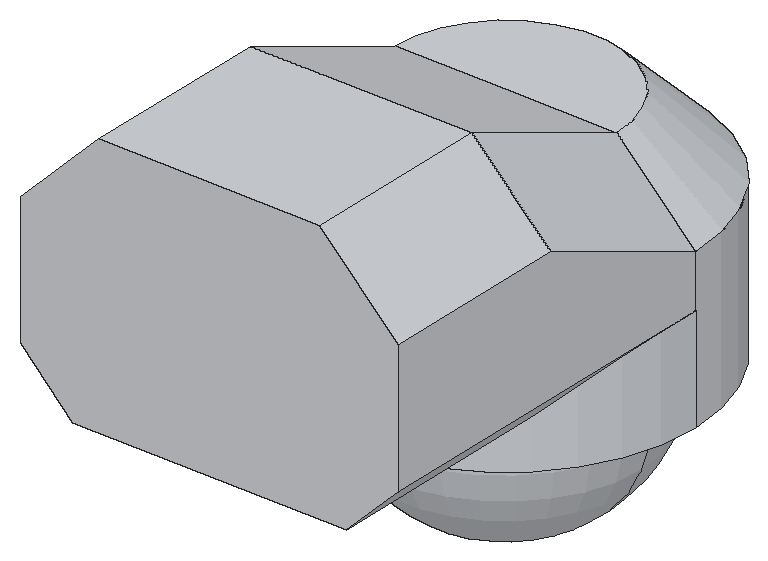
Revit family "Domotics-DomesticRanges-GEWISS-27COMBI_SYSTEM-IP55_IR_MOVEMENT_DETECTOR", category Modelli generici, host Muro, Revit 2016
Family settings
  Host = Muro
  Tipo di parte = Normale
  Può ospitare armatura = No
  Quota connettore circolare = Usa diametro
  Sempre verticale = Sì
  Taglio con vuoti quando caricato = No
  Condiviso = No
  Punto di calcolo locali = No
Parameters (values of type "GW27431B - IR movement detector IP55-230V")
  Version file RFA = "18.0"
  URL = "https://www.gewiss.com/ww/en"
  Treshold adjustment = "5 - 1000 lux"
  Thermo-pressure with ball = "70 °C"
  Technical sheet = "https://www.gewiss.com/ww/en/search?q=GW27431B"
  Standard = "EN 60669-2-1"
  Simbolo [instance] = yes
  Realized by GEWISS S.p.A. = ""
  Range of action = "12m"
  Produttore = "GEWISS S.p.A."
  Outer dim. LxHxD (mm) = "72x88x106"
  Modello = "GW27431B"
  Insulation class = "II"
  Installation temperature = "-25 +60 °C"
  Immagine tipo = GW27431B.jpg
  IP degree = "IP55"
  IFC.TypeObject = ""
  IFC.ExportType = ""
  IFC.ExportAs = ""
  IDT = "666a0526-0741-48d4-9456-c3f3148265d2"
  IDF = "5de224fa-22b0-46fc-80e2-1b54ddaa2f1e"
  Glow Wire Test = "650°C"
  Electrocod = "0143                "
  EAN code = "8011564825338"
  Duration adjustment = "5 sec. - 12 min."
  Distanza orizzontale del simbolo [instance] = 120.319 mm
  Distanza dal muro [instance] = 4.208 mm
  Descrizione = "IR MOVEMENT DETECTOR IP55-230V"
  Cornice simbolo [instance] = yes
  Catalogue Range = "27COMBI"
  Catalogue = "DOMOTICS"
  COBie.Tagnumber = ""
  COBie.CreatedOn = ""
  COBie.CreatebBy = ""
  COBie.ComponentRegisterItemID = ""
  COBie.Component.TagNumber = ""
  COBie.Component.Space = ""
  COBie.Component.SerialNumber = ""
  COBie.Component.InstallationDate = ""
  COBie.Component.Description = ""
  COBie.Component.BarCode = ""
Reference planes
  plane 1 "Muro": y = 0
  plane 2 "Centro (Sinistra/Destra)": x = 125
  plane 3 "Indietro": y = 75
  plane 4: x = 89
  plane 5: x = 161
  plane 6: y = 181
  plane 7: z = 1139.816
  plane 8: z = 1051.816
  plane 9: y = 111
  plane 10: x = 4.681
Forms (mm)
  Extrusion 1, solid
    sketch origin (0, 0, 0) x (1, 0, 0) y (0, 0, 1)
      loop
        line (146, 1139.816) -> (104, 1139.816) -> (89, 1124.816) -> (89, 1099.816) -> (99, 1089.816) -> (151, 1089.816) -> (161, 1099.816) -> (161, 1124.816) -> (146, 1139.816)
    from -111 to -75
  Blend 2, solid
    base sketch origin (0, 0, 0) x (1, 0, 0) y (0, 0, 1)
      loop
        line (146, 1139.816) -> (104, 1139.816) -> (89, 1124.816) -> (89, 1099.816) -> (99, 1089.816) -> (151, 1089.816) -> (161, 1099.816) -> (161, 1124.816) -> (146, 1139.816)
    top sketch origin (0, 0, 0) x (1, 0, 0) y (0, 0, 1)
      loop
        line (146, 1124.816) -> (104, 1124.816) -> (89, 1109.816) -> (89, 1099.816) -> (99, 1089.816) -> (151, 1089.816) -> (161, 1099.816) -> (161, 1109.816) -> (146, 1124.816)
    from -111 to -145.364
  Revolve 3, solid
    sketch origin (-116.616, 145.364, 0) x (1, 0, 0) y (0, 0, 1)
      loop
        line (277.616, 1109.816) -> (262.616, 1124.816) -> (241.616, 1124.816) -> (241.616, 1079.816) -> (277.616, 1079.816) -> (277.616, 1109.816)
      axis (241.616, 1079.816) -> (241.616, 1124.816)
    angle from 360 to 0
  Revolve 4, solid
    sketch origin (0, 145.364, -10) x (1, 0, 0) y (0, 0, 1)
      loop
        line (153, 1089.816) -> (125, 1089.816) -> (125, 1061.816)
        arc (125, 1061.816) -> (144.799, 1070.017) -> (153, 1089.816) r 28
      axis (125, 1061.816) -> (125, 1089.816)
    angle from 0 to 360
Cuts and joins
  joined: Extrusion 1, Blend 2, Revolve 3
Text (mm)
  text "Lato posizionamento" at (-1848.837, 1116.779, 0), in view "Livello rif."
  text "Lato posizionamento" at (0, 1409.804, 2854.306), in view "Sinistra"
  text "Lato posizionamento" at (0, 499.811, 2980.732), in view "Destra"
Dimensions and locks
  locked: plane 3 "Indietro" to host wall
  plane 2 "Centro (Sinistra/Destra)" to plane 5 = 36 mm
  equal spacing: plane 4, plane 2 "Centro (Sinistra/Destra)", plane 5
  locked: plane 6 to plane 3 "Indietro" at 106
  locked: plane 6 to Blend 2 at 35.636
  locked: plane 8 to plane 7 at 88
  locked: plane 9 to plane 3 "Indietro" at 36
  "Distanza orizzontale del simbolo": plane 10 to plane 2 "Centro (Sinistra/Destra)"
  aligned and locked: plane 1 "Muro" to host wall
  aligned and locked: plane 5 to Extrusion 1 sketch curve
  aligned and locked: Extrusion 1 sketch curve to plane 4
  aligned and locked: Blend 2 to Extrusion 1
  aligned and locked: Blend 2 to Revolve 3 sketch curve
  aligned and locked: plane 3 "Indietro" to cut or joined group of Extrusion 1, Blend 2, Revolve 3
  aligned and locked: plane 9 to Extrusion 1
  aligned and locked: plane 10 to nested 1
Automatic sketch dimensions
  Revolve 3 sketch curve to Revolve 3 sketch curve = 21 mm
  Revolve 3 sketch curve to Revolve 3 sketch curve = 36 mm
  Revolve 3 sketch curve to Blend 2 = 10 mm
  Blend 2 to Revolve 3 sketch curve = 15 mm
  Blend 2 to Revolve 3 sketch curve = 36 mm
  Revolve 3 sketch curve to Blend 2 = 1589.857 mm
  Revolve 3 sketch curve to Revolve 3 sketch curve = 2260.241 mm
  Revolve 4 sketch curve to Blend 2 = 10 mm  (x2)
  Revolve 4 sketch curve to Blend 2 = 8.485 mm  (x2)
  Revolve 4 sketch curve to Revolve 4 sketch curve = 0 mm
  Revolve 4 sketch curve to Revolve 4 sketch curve = 10 mm
  Extrusion 1 sketch curve to plane 7 = 0 mm
  plane 4 to Extrusion 1 sketch curve = 10 mm
  plane 4 to Extrusion 1 sketch curve = 15 mm
  Extrusion 1 sketch curve to plane 5 = 15 mm
  Extrusion 1 sketch curve to plane 5 = 10 mm
  Extrusion 1 sketch curve to plane 7 = 15 mm  (x2)
  Extrusion 1 sketch curve to Extrusion 1 sketch curve = 25 mm  (x2)
  Extrusion 1 sketch curve to Extrusion 1 sketch curve = 10 mm
  Blend 2 sketch curve to plane 4 = 0 mm  (x2)
  Blend 2 sketch curve to plane 5 = 0 mm  (x2)
  plane 4 to Blend 2 sketch curve = 10 mm  (x2)
  plane 4 to Blend 2 sketch curve = 15 mm  (x2)
  Blend 2 sketch curve to plane 5 = 15 mm  (x2)
  Blend 2 sketch curve to plane 5 = 10 mm  (x2)
  plane 8 to Blend 2 sketch curve = 38 mm
  Blend 2 sketch curve to Blend 2 sketch curve = 10 mm  (x5)
  Blend 2 sketch curve to plane 7 = 15 mm  (x3)
  Blend 2 sketch curve to plane 7 = 0 mm
  Blend 2 sketch curve to Blend 2 sketch curve = 25 mm  (x2)
  Blend 2 to Revolve 3 sketch curve = 0 mm
Nested families
  nested 1: "RILEVMOVIR" at (4.681, 268.916, 0), Distanza dal muro <- "Distanza dal muro", BORDO ACCESO <- "Cornice simbolo", SIMBOLO <- "Simbolo", type "IR"
    with SIMBOLO yes, Distanza dal muro 4.208 mm, BORDO ACCESO yes
Definition of nested family "RILEVMOVIR"
  Parameters (values of type "IR")
    Simbolo = RILEVMOVIR_BASE : IR
    SIMBOLO [instance] = yes
    Distanza dal muro [instance] = 4.208 mm
    BORDO ACCESO [instance] = yes
  Reference planes
    plane 1: y = 0
    plane 2: x = 0
  Dimensions and locks
    "Distanza dal muro": plane 1 to nested 1
    aligned and locked: plane 2 to nested 1
  Nested families
    nested 1: "RILEVMOVIR_BASE" at (0, 4.208, 0), BORDO ACCESO <- "BORDO ACCESO", type <- "Simbolo", visible <- "SIMBOLO", type "IR"
      with BORDO ACCESO yes
  Definition of nested family "RILEVMOVIR_BASE"
    Parameters (values of type "IR")
      TXT = "IR"
      Distanza dal muro = 4.208 mm
      BORDO ACCESO [instance] = yes
    Reference planes
      plane 1: y = 0
      plane 2: x = 0
    Lines and regions (mm)
      detail lines, visible <- "BORDO ACCESO"
        curve 1: line (-1, 2.5, 0) -> (1, 2.5, 0)
        curve 2: line (1, 2.5, 0) -> (1, 0, 0)
        curve 3: line (1, 0, 0) -> (-1, 0, 0)
        curve 4: line (-1, 0, 0) -> (-1, 2.5, 0)
        curve 5: line (-0.9, 2.4, 0) -> (0.9, 2.4, 0)
        curve 6: line (0.9, 2.4, 0) -> (0.9, 0.1, 0)
        curve 7: line (0.9, 0.1, 0) -> (-0.9, 0.1, 0)
        curve 8: line (-0.9, 0.1, 0) -> (-0.9, 2.4, 0)
      detail lines, visible <- "BORDO ACCESO", not visible
        curve 9: line (-1.743, 9.208, 0) -> (2.057, 9.208, 0)
        curve 10: line (2.057, 9.208, 0) -> (2.057, 4.208, 0)
        curve 11: line (2.057, 4.208, 0) -> (-1.743, 4.208, 0)
        curve 12: line (-1.743, 4.208, 0) -> (-1.743, 9.208, 0)
        curve 13: line (-1.543, 9.008, 0) -> (1.857, 9.008, 0)
        curve 14: line (1.857, 9.008, 0) -> (1.857, 4.408, 0)
        curve 15: line (1.857, 4.408, 0) -> (-1.543, 4.408, 0)
        curve 16: line (-1.543, 4.408, 0) -> (-1.543, 9.008, 0)
      detail lines
        curve 17: line (0.084, 2.148, 0) -> (-0.64, 2.148, 0)
        curve 18: line (-0.64, 2.148, 0) -> (-0.64, 0.384, 0)
        curve 19: line (-0.64, 0.384, 0) -> (0.084, 0.384, 0)
        curve 20: line (0.084, 0.384, 0) -> (0.084, 0.573, 0)
        curve 21: line (0.084, 0.573, 0) -> (0.253, 0.596, 0)
        curve 22: line (0.253, 0.596, 0) -> (0.411, 0.661, 0)
        curve 23: line (0.411, 0.661, 0) -> (0.546, 0.765, 0)
        curve 24: line (0.546, 0.765, 0) -> (0.65, 0.9, 0)
        curve 25: line (0.65, 0.9, 0) -> (0.715, 1.058, 0)
        curve 26: line (0.715, 1.058, 0) -> (0.737, 1.227, 0)
        curve 27: line (0.737, 1.227, 0) -> (0.715, 1.396, 0)
        curve 28: line (0.715, 1.396, 0) -> (0.65, 1.553, 0)
        curve 29: line (0.65, 1.553, 0) -> (0.546, 1.689, 0)
        curve 30: line (0.546, 1.689, 0) -> (0.411, 1.793, 0)
        curve 31: line (0.411, 1.793, 0) -> (0.253, 1.858, 0)
        curve 32: line (0.253, 1.858, 0) -> (0.084, 1.88, 0)
        curve 33: line (0.084, 1.88, 0) -> (0.084, 2.148, 0)
    Text (mm)
      label "IR" at (0.07, 1.229, 0), shows "TXT"
    Dimensions and locks
      aligned and locked: curve 3 to plane 1
